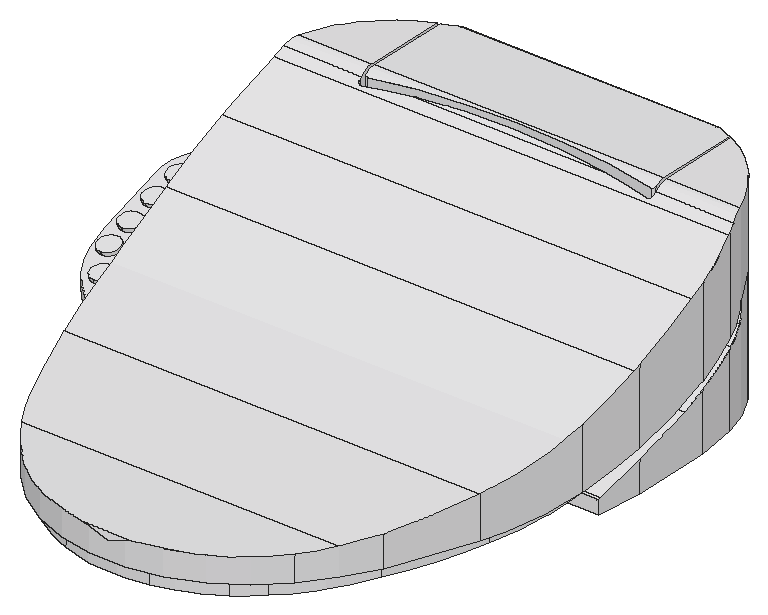
Revit family "Bidet_Seat-Elongated_Closed_Front-Cleansing-KOHLER-C3-320-K-23358T_1", category Plumbing Fixtures, host Face, Revit 2017 (continued)
Definition of nested family "K-23358T"
  Lines and regions (in)
    symbolic lines, detail levels medium+fine
      curve 107: spline (-8.20952, 0, 2.5353) -> (-8.30123, 0, 2.53279) -> (-8.38669, 0, 2.52541) -> (-8.46007, 0, 2.51368) -> (-8.51638, 0, 2.49838) -> (-8.55178, 0, 2.48058) -> (-8.56385, 0, 2.46147) -> (-8.55178, 0, 2.44236) -> (-8.51638, 0, 2.42455) -> (-8.46007, 0, 2.40926) -> (-8.38669, 0, 2.39753) -> (-8.30123, 0, 2.39015) -> (-8.20952, 0, 2.38763)
      curve 108: spline (-8.20952, 0, 2.38763) -> (-8.11782, 0, 2.39015) -> (-8.03236, 0, 2.39753) -> (-7.95897, 0, 2.40926) -> (-7.90266, 0, 2.42455) -> (-7.86727, 0, 2.44236) -> (-7.85519, 0, 2.46147) -> (-7.86727, 0, 2.48058) -> (-7.90266, 0, 2.49838) -> (-7.95897, 0, 2.51368) -> (-8.03236, 0, 2.52541) -> (-8.11782, 0, 2.53279) -> (-8.20952, 0, 2.5353)
      curve 109: spline (-8.16031, 0, 2.16203) -> (-8.0686, 0, 2.16455) -> (-7.98315, 0, 2.17192) -> (-7.90976, 0, 2.18366) -> (-7.85345, 0, 2.19895) -> (-7.81805, 0, 2.21676) -> (-7.80598, 0, 2.23587) -> (-7.81805, 0, 2.25497) -> (-7.85345, 0, 2.27278) -> (-7.90976, 0, 2.28807) -> (-7.98315, 0, 2.29981) -> (-8.0686, 0, 2.30718) -> (-8.16031, 0, 2.3097)
      curve 110: spline (-8.16031, 0, 2.3097) -> (-8.25202, 0, 2.30718) -> (-8.33748, 0, 2.29981) -> (-8.41086, 0, 2.28807) -> (-8.46717, 0, 2.27278) -> (-8.50257, 0, 2.25497) -> (-8.51464, 0, 2.23587) -> (-8.50257, 0, 2.21676) -> (-8.46717, 0, 2.19895) -> (-8.41086, 0, 2.18366) -> (-8.33748, 0, 2.17192) -> (-8.25202, 0, 2.16455) -> (-8.16031, 0, 2.16203)
      curve 111: spline (-8.98388, 0, 1.96045) -> (-8.89217, 0, 1.96297) -> (-8.80671, 0, 1.97034) -> (-8.73333, 0, 1.98208) -> (-8.67702, 0, 1.99737) -> (-8.64162, 0, 2.01517) -> (-8.62954, 0, 2.03428) -> (-8.64162, 0, 2.05339) -> (-8.67702, 0, 2.0712) -> (-8.73333, 0, 2.08649) -> (-8.80671, 0, 2.09823) -> (-8.89217, 0, 2.1056) -> (-8.98388, 0, 2.10812)
      curve 112: spline (-8.98388, 0, 2.10812) -> (-9.07558, 0, 2.1056) -> (-9.16104, 0, 2.09823) -> (-9.23443, 0, 2.08649) -> (-9.29074, 0, 2.0712) -> (-9.32613, 0, 2.05339) -> (-9.33821, 0, 2.03428) -> (-9.32613, 0, 2.01517) -> (-9.29074, 0, 1.99737) -> (-9.23443, 0, 1.98208) -> (-9.16104, 0, 1.97034) -> (-9.07558, 0, 1.96297) -> (-8.98388, 0, 1.96045)
      curve 113: spline (-8.44254, 0, 1.90047) -> (-8.53424, 0, 1.89796) -> (-8.6197, 0, 1.89058) -> (-8.69309, 0, 1.87885) -> (-8.7494, 0, 1.86356) -> (-8.78479, 0, 1.84575) -> (-8.79687, 0, 1.82664) -> (-8.78479, 0, 1.80753) -> (-8.7494, 0, 1.78972) -> (-8.69309, 0, 1.77443) -> (-8.6197, 0, 1.7627) -> (-8.53424, 0, 1.75532) -> (-8.44254, 0, 1.75281)
      curve 114: spline (-8.44254, 0, 1.75281) -> (-8.35083, 0, 1.75532) -> (-8.26537, 0, 1.7627) -> (-8.19199, 0, 1.77443) -> (-8.13568, 0, 1.78972) -> (-8.10028, 0, 1.80753) -> (-8.08821, 0, 1.82664) -> (-8.10028, 0, 1.84575) -> (-8.13568, 0, 1.86356) -> (-8.19199, 0, 1.87885) -> (-8.26537, 0, 1.89058) -> (-8.35083, 0, 1.89796) -> (-8.44254, 0, 1.90047)
      curve 115: spline (-8.1111, 0, 2.09435) -> (-8.20281, 0, 2.09183) -> (-8.28826, 0, 2.08446) -> (-8.36165, 0, 2.07273) -> (-8.41796, 0, 2.05743) -> (-8.45336, 0, 2.03963) -> (-8.46543, 0, 2.02052) -> (-8.45336, 0, 2.00141) -> (-8.41796, 0, 1.9836) -> (-8.36165, 0, 1.96831) -> (-8.28826, 0, 1.95658) -> (-8.20281, 0, 1.9492) -> (-8.1111, 0, 1.94668)
      curve 116: spline (-8.1111, 0, 1.94668) -> (-8.01939, 0, 1.9492) -> (-7.93393, 0, 1.95658) -> (-7.86055, 0, 1.96831) -> (-7.80424, 0, 1.9836) -> (-7.76884, 0, 2.00141) -> (-7.75677, 0, 2.02052) -> (-7.76884, 0, 2.03963) -> (-7.80424, 0, 2.05743) -> (-7.86055, 0, 2.07273) -> (-7.93393, 0, 2.08446) -> (-8.01939, 0, 2.09183) -> (-8.1111, 0, 2.09435)
      curve 117: line (-8.08821, 0, 1.82664) -> (-8.08821, 0, 1.64462)
      curve 118: line (-8.79687, 0, 1.82664) -> (-8.79687, 0, 1.64462)
      curve 119: spline (-8.08821, 0, 1.64462) -> (-8.10028, 0, 1.62551) -> (-8.13568, 0, 1.60771) -> (-8.19199, 0, 1.59241) -> (-8.26537, 0, 1.58068) -> (-8.35083, 0, 1.57331) -> (-8.44254, 0, 1.57079) -> (-8.53424, 0, 1.57331) -> (-8.6197, 0, 1.58068) -> (-8.69309, 0, 1.59241) -> (-8.7494, 0, 1.60771) -> (-8.78479, 0, 1.62551) -> (-8.79687, 0, 1.64462)
      curve 120: line (-7.75677, 0, 2.02052) -> (-7.75677, 0, 1.82367)
      curve 121: line (-8.46543, 0, 2.02052) -> (-8.46543, 0, 1.90032)
      curve 122: line (-8.62954, 0, 2.03428) -> (-8.62954, 0, 1.88935)
      curve 123: line (-9.33821, 0, 2.03428) -> (-9.33821, 0, 1.83743)
      curve 124: line (-9.43663, 0, 2.24963) -> (-9.43663, 0, 2.08733)
      curve 125: line (-8.72797, 0, 2.24963) -> (-8.72797, 0, 2.08733)
      curve 126: line (-8.51464, 0, 2.23587) -> (-8.51464, 0, 2.08733)
      curve 127: line (-7.80598, 0, 2.23587) -> (-7.80598, 0, 2.08733)
      curve 128: line (-8.56385, 0, 2.46147) -> (-8.56385, 0, 2.32816)
      curve 129: line (-7.85519, 0, 2.46147) -> (-7.85519, 0, 2.30752)
      curve 130: line (-8.77718, 0, 2.47523) -> (-8.77718, 0, 2.32816)
      curve 131: line (-9.48584, 0, 2.47523) -> (-9.48584, 0, 2.32816)
      curve 132: line (-9.48584, 0, 2.69058) -> (-9.48584, 0, 2.57719)
      curve 133: line (-8.77718, 0, 2.69058) -> (-8.77718, 0, 2.53567)
      curve 134: line (-8.56385, 0, 2.89216) -> (-8.56385, 0, 2.75707)
      curve 135: line (-7.85519, 0, 2.89216) -> (-7.85519, 0, 2.75707)
      curve 136: line (-7.85519, 0, 2.68707) -> (-7.85519, 0, 2.53567)
      curve 137: line (-8.56385, 0, 2.68707) -> (-8.56385, 0, 2.53567)
      curve 138: arc (-7.63931, 0, 3.06872) -> (-7.49099, 0, 2.67386) -> (-7.23606, 0, 2.33782) r 1.46101
      curve 139: line (-7.63931, 0, 3.06872) -> (-7.63931, 0, 2.47817)
      curve 140: arc (-7.63931, 0, 2.47817) -> (-7.63346, 0, 2.10397) -> (-7.61595, 0, 1.73013) r 11.98999
      curve 141: arc (-7.61595, 0, 1.73013) -> (-7.60006, 0, 1.54412) -> (-7.57571, 0, 1.35902) r 4.09671
      curve 142: line (-7.65748, 0, 1.00958) -> (-7.13563, 0, 0.9455)
      curve 143: arc (-7.40405, 0, 0.97846) -> (-7.24557, 0, 0.85672) -> (-7.0522, 0, 0.8063) r 0.50301
      curve 144: arc (-5.84394, 0, 0.89897) -> (-6.4449, 0, 0.91825) -> (-7.04595, 0, 0.93431) r 112.30857
      curve 145: arc (-7.04595, 0, 0.93431) -> (-7.09107, 0, 0.93766) -> (-7.13563, 0, 0.9455) r 0.4519
      curve 146: arc (7.75464, 0, 1.73987) -> (7.68115, 0, 1.50237) -> (7.57645, 0, 1.27687) r 1.84847
      curve 147: line (0, -20.55702, 1.06264) -> (0, -18.50652, 1.06264)
      curve 148: arc (0, -18.50652, 1.06264) -> (0, -16.55239, 1.106) -> (0, -14.60211, 1.23599) r 44.05791
      curve 149: arc (0, -14.60211, 1.23599) -> (0, -13.10896, 1.3729) -> (0, -11.61657, 1.5179) r 277.15473
      curve 150: arc (0, -11.61657, 1.5179) -> (0, -10.86968, 1.61604) -> (0, -10.13033, 1.76042) r 12.11408
      curve 151: arc (0, -10.13033, 1.76042) -> (0, -8.35233, 2.1773) -> (0, -6.57977, 2.61675) r 143.61822
      curve 152: arc (0, -6.57977, 2.61675) -> (0, -5.87991, 2.78842) -> (0, -5.17713, 2.94769) r 40.76476
      curve 153: arc (0, -5.17713, 2.94769) -> (0, -3.83625, 3.32166) -> (0, -2.54763, 3.84823) r 12.01411
      curve 154: arc (0, -2.54763, 3.84823) -> (0, -2.31862, 3.96109) -> (0, -2.09239, 4.07942) r 10.6303
      curve 155: arc (0, -2.09239, 4.07942) -> (0, -1.69592, 4.42342) -> (0, -1.48443, 4.90384) r 1.19876
      curve 156: arc (0, -1.48443, 4.90384) -> (0, -1.4424, 5.15122) -> (0, -1.41311, 5.40044) r 4.88846
      curve 157: arc (0, -1.41311, 5.40044) -> (0, -1.40726, 5.49442) -> (0, -1.40686, 5.58859) r 1.62134
      curve 158: arc (0, -1.40686, 5.58859) -> (0, -1.40827, 5.70164) -> (0, -1.40685, 5.81469) r 4.52807
      curve 159: line (0, -0.29386, 5.78302) -> (0, -2.7649, 5.78302)
      curve 160: arc (0, -2.7649, 5.78302) -> (0, -3.50097, 5.67819) -> (0, -4.17852, 5.37205) r 2.63671
      curve 161: arc (0, -4.17852, 5.37205) -> (0, -5.05227, 4.80818) -> (0, -5.91776, 4.23172) r 71.76511
      curve 162: arc (0, -5.91776, 4.23172) -> (0, -7.61914, 3.2638) -> (0, -9.44968, 2.57048) r 12.62678
      curve 163: arc (0, -9.44968, 2.57048) -> (0, -10.81781, 2.2121) -> (0, -12.204, 1.93162) r 25.01177
      curve 164: arc (0, -12.204, 1.93162) -> (0, -13.42985, 1.74432) -> (0, -14.66213, 1.60558) r 31.39964
      curve 165: arc (0, -14.66213, 1.60558) -> (0, -15.98788, 1.49158) -> (0, -17.31502, 1.3951) r 100.80254
      curve 166: arc (0, -17.31502, 1.3951) -> (0, -18.18538, 1.34671) -> (0, -19.05656, 1.3165) r 41.76877
      curve 167: arc (0, -19.05656, 1.3165) -> (0, -19.72903, 1.30252) -> (0, -20.40158, 1.29316) r 97.79012
      curve 168: line (0, -20.44785, 1.11369) -> (0, -20.40001, 1.29925)
      curve 169: line (0, -20.37072, 1.33268) -> (0, -20.16243, 1.54096)
      curve 170: arc (0, -20.40001, 1.29925) -> (0, -20.38934, 1.31945) -> (0, -20.37072, 1.33268) r 0.04934
      curve 171: arc (0, -20.47757, 1.07381) -> (0, -20.45879, 1.09083) -> (0, -20.44785, 1.11369) r 0.06569
      curve 172: line (0, -0.87169, 0.39921) -> (0, -0.89842, 0.70472)
      curve 173: line (0, -1.1676, 0.39921) -> (0, -1.19433, 0.70472)
      curve 174: spline (0, -1.19433, 0.70472) -> (0, -1.18928, 0.77824) -> (0, -1.1745, 0.84675) -> (0, -1.15099, 0.90558) -> (0, -1.12035, 0.95072) -> (0, -1.08466, 0.9791) -> (0, -1.04637, 0.98878) -> (0, -1.00808, 0.9791) -> (0, -0.97239, 0.95072) -> (0, -0.94175, 0.90558) -> (0, -0.91824, 0.84675) -> (0, -0.90346, 0.77824) -> (0, -0.89842, 0.70472)
      curve 175: line (0, -11.87895, 0.93336) -> (0, -3.72538, 2.81576)
      curve 176: line (0, -11.87895, 1.27729) -> (0, -11.87895, 0.93336)
      curve 177: line (0, -3.72538, 3.15969) -> (0, -4.92287, 2.88323)
      curve 178: line (0, -3.72538, 2.81576) -> (0, -3.72538, 3.15969)
      curve 179: line (0, -4.9405, 2.966) -> (0, -5.63361, 2.81833)
      curve 180: line (0, -5.61347, 2.7238) -> (0, -5.63361, 2.81833)
      curve 181: line (0, -4.92287, 2.88323) -> (0, -4.9405, 2.966)
      curve 182: line (0, -6.57263, 2.50236) -> (0, -6.87518, 2.43251)
      curve 183: line (0, -5.61347, 2.7238) -> (0, -5.88203, 2.66179)
      curve 184: line (0, -6.57263, 2.50236) -> (0, -6.59117, 2.58936)
      curve 185: line (0, -5.88203, 2.66179) -> (0, -5.90315, 2.7609)
      curve 186: line (0, -5.90315, 2.7609) -> (0, -6.59117, 2.58936)
      curve 187: line (0, -7.62939, 2.25838) -> (0, -7.92923, 2.18916)
      curve 188: line (0, -6.87518, 2.43251) -> (0, -6.89964, 2.52952)
      curve 189: line (0, -7.62939, 2.25838) -> (0, -7.6506, 2.3444)
      curve 190: line (0, -6.89964, 2.52952) -> (0, -7.6506, 2.3444)
      curve 191: line (0, -8.68279, 2.01519) -> (0, -8.93493, 1.95697)
      curve 192: line (0, -7.92923, 2.18916) -> (0, -7.94982, 2.27345)
      curve 193: line (0, -8.68279, 2.01519) -> (0, -8.6985, 2.0889)
      curve 194: line (0, -8.93493, 1.95697) -> (0, -8.95013, 2.02832)
      curve 195: line (0, -9.68991, 1.78267) -> (0, -9.70423, 1.84986)
      curve 196: line (0, -7.94982, 2.27345) -> (0, -8.6985, 2.0889)
      curve 197: line (0, -8.95013, 2.02832) -> (0, -9.70423, 1.84986)
      curve 198: line (0, -9.68991, 1.78267) -> (0, -9.98602, 1.71431)
      curve 199: line (0, -9.98602, 1.71431) -> (0, -10.00122, 1.78566)
      curve 200: line (0, -10.741, 1.54001) -> (0, -10.75531, 1.6072)
      curve 201: line (0, -10.00122, 1.78566) -> (0, -10.75531, 1.6072)
      curve 202: line (0, -10.741, 1.54001) -> (0, -11.87895, 1.27729)
      curve 203: line (0, -4.92287, 2.88323) -> (0, -5.61347, 2.7238)
      curve 204: line (0, -5.88203, 2.66179) -> (0, -6.57263, 2.50236)
      curve 205: line (0, -6.87518, 2.43251) -> (0, -7.62939, 2.25838)
      curve 206: line (0, -7.92923, 2.18916) -> (0, -8.68279, 2.01519)
      curve 207: line (0, -9.98602, 1.71431) -> (0, -10.741, 1.54001)
      curve 208: line (0, -8.93493, 1.95697) -> (0, -9.68991, 1.78267)
      curve 209: arc (0, -20.59291, 1.09578) -> (0, -20.58144, 1.07219) -> (0, -20.55702, 1.06264) r 0.03601
      curve 210: arc (0, -20.50845, 1.06264) -> (0, -20.49246, 1.06672) -> (0, -20.47757, 1.07381) r 0.08478
      curve 211: line (0, -6.44053, 1.6219) -> (0, -5.05191, 2.11467)
      curve 212: arc (0, -5.05191, 2.11467) -> (0, -4.59792, 2.28136) -> (0, -4.14766, 2.45788) r 22.23331
      curve 213: arc (0, -4.14766, 2.45788) -> (0, -3.88224, 2.59399) -> (0, -3.64523, 2.7751) r 1.67185
      curve 214: arc (0, -3.64523, 2.7751) -> (0, -3.43805, 3.04994) -> (0, -3.34299, 3.38072) r 0.9454
      curve 215: arc (0, -3.34299, 3.38072) -> (0, -3.3377, 3.44343) -> (0, -3.33401, 3.50626) r 2.47877
      curve 216: line (0, -20.39606, 0.75877) -> (0, -18.03385, 0.75877)
      curve 217: arc (0, -18.03385, 0.75877) -> (0, -16.04326, 0.79764) -> (0, -14.05571, 0.91417) r 50.99685
      curve 218: arc (0, -14.05571, 0.91417) -> (0, -12.9633, 1.03004) -> (0, -11.87895, 1.20597) r 19.91383
      curve 219: arc (0, -12.6311, 0.14764) -> (0, -11.86386, 0.29257) -> (0, -11.10551, 0.47851) r 14.52895
      curve 220: line (0, -16.60379, 0.14764) -> (0, -18.37544, 0.14764)
      curve 221: line (0, -0.01171, 0.39921) -> (0, -5.78549, 0.39921)
      curve 222: line (0, -9.71067, 0.39921) -> (0, -9.81032, 0.40968)
      curve 223: line (0, -6.74021, 0.68439) -> (0, -6.74021, 0)
      curve 224: spline (0, -5.78268, 0.68453) -> (0, -5.80385, 0.80439) -> (0, -5.85439, 0.91508) -> (0, -5.93108, 1.00953) -> (0, -6.029, 1.08167) -> (0, -6.14187, 1.12689) -> (0, -6.26246, 1.14228) -> (0, -6.38306, 1.12688) -> (0, -6.49593, 1.08165) -> (0, -6.59384, 1.0095) -> (0, -6.67053, 0.91505) -> (0, -6.72107, 0.80435) -> (0, -6.74223, 0.68449)
      curve 225: line (0, -5.78549, 0) -> (0, -5.78549, 0.68439)
      curve 226: line (0, -6.74021, 0.39921) -> (0, -9.71067, 0.39921)
      curve 227: arc (-7.55282, -4.89341, 0) -> (-7.60109, -5.95731, 0) -> (-7.65296, -7.02104, 0) r 314.62032
      curve 228: arc (-7.48688, -4.03124, 0) -> (-7.5269, -4.46178, 0) -> (-7.55282, -4.89341, 0) r 13.23134
  Dimensions and locks (in)
    plane 6 to plane 1 "Center (Front/Back)" = 20.59055"
    plane 8 to plane 2 = 6.30709"
    plane 9 to plane 6 = 16.09055"
    plane 10 to level = 1.55118"
    plane 5 to plane 4 = 17.5315"
    aligned and locked: plane 2 to level
Definition of nested family "Light Source"
  Parameters (values of type "Light Source")
    Wattage = 30 W
    built-in parameter 1150110 = 1 (stored number, unit not read)
    built-in parameter 1114217 = 1 (stored number, unit not read)
    built-in parameter 1150109 = 1 (stored number, unit not read)
    built-in parameter 1150134 = 1
    built-in parameter 1150113 = 1 (stored number, unit not read)
    built-in parameter 1150105 = 23.873 (stored number, unit not read)
    Lumens = 300 lm
    built-in parameter 1150115 = 1 (stored number, unit not read)
    Light Source Symbol Size = 12"
    built-in parameter 1150137 = (empty or 0)
    built-in parameter 1150139 = (empty or 0)
    built-in parameter 1150112 = 1 (stored number, unit not read)
    built-in parameter 1150114 = 1 (stored number, unit not read)
    built-in parameter 1150132 = (empty or 0)
    built-in parameter 1150102 = (empty or 0)
    built-in parameter 1150107 = 6500 (stored number, unit not read)
    built-in parameter 1150138 = (empty or 0)
    built-in parameter 1150106 = 0.23873 (stored number, unit not read)
    Emit from Line Length = 12"
    built-in parameter 1150104 = 0.92903 (stored number, unit not read)
    Dimming Lamp Color Temperature Shift = 1
    Default Elevation = 48"
    Color Filter = 15234564
    built-in parameter 1114218 = 1 (stored number, unit not read)
    built-in parameter 1150133 = 10 (stored number, unit not read)
  Reference planes (in)
    plane 1 "Center (Front/Back)": y = 0
    plane 2: z = 0
    plane 3 "Center (Left/Right)": x = 0
  Dimensions and locks (in)
    aligned and locked: plane 2 to level
Types (3): name | Type | Product Page URL | Model | Description
  (no name) | 1 | "https://www.kohler.com.cn/product/K-23358T-0/K-23358T-0/" | "K-23358T-0" | "320 Qingshubao Smart Toilet Cover"
  0-White | 1 | "https://www.kohler.com.cn/product/K-23358T-0/K-23358T-0/" | "K-23358T-0" | "320 Qingshubao Smart Toilet Cover"
  Hidden Chord, 0-White | 2 | "https://www.kohler.com.cn/product/K-23358T-HC-0/K-23358T-HC-0/" | "K-23358T-HC-0" | "320 Qingshubao Smart Toilet Cover (Combined Version)"
